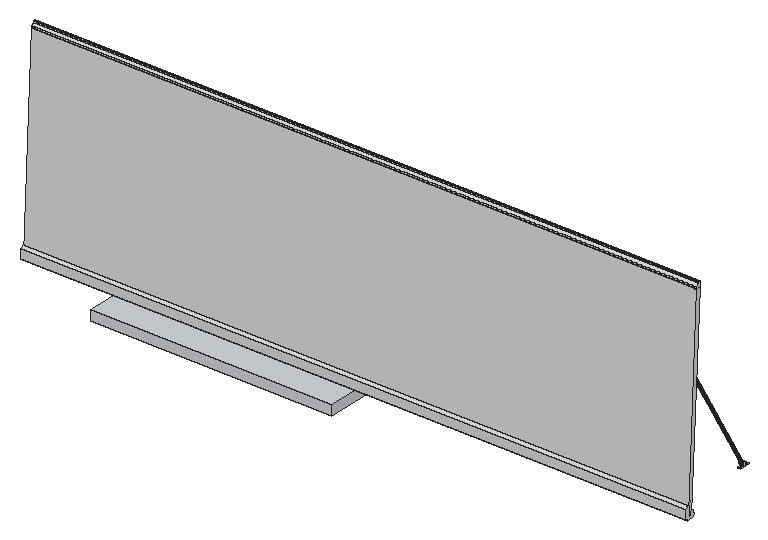
Revit family "G庇 ポール付き", category 一般モデル, Revit 2020
Family settings
  ホスト = 面
  鉄筋をホスト可能 = いいえ
  丸型コネクタ寸法 = 直径を使用
  パーツ タイプ = 標準
  ロード時にボイドで切り取り = いいえ
  共有 = いいえ
  部屋計算ポイント = いいえ
Parameters
  警告：長さL [instance] = no
  警告：出幅D [instance] = no
  説明 = "前方からの雨垂れをなくし、壁面側より雨水を排出できる機能を持つ内勾配庇です。デザインタイプの先端部分を両サイドまで回り込ませた三方枠も好評!"  # constant formula
  製造元 = "株式会社ツヅキ"  # constant formula
  断面図表記 先端部材2 = yes
  断面図表記 先端部材1 = no
  断面図表記 上部ブラケット大 = no
  断面図表記 上ブラケット小 = yes
  基準サポートポール@ = if(ポール@1000mm, 1000 mm, 1500 mm)  # 1500 mm
  先端部材2 = yes
  先端部材1 = no
  上部ブラケット大 [instance] = no
  上部ブラケット小 [instance] = yes
  モデル = "グロンダート　Gシリーズ（サポートポール付）"  # constant formula
  ポール@1500mm = yes
  ポール@1000mm = no
  サポートポール＠ = (G庇L寸法 - 500 mm) / (サポートポール数 - 1)  # 1500 mm
  庇 色 = アルミニウム 6063S-T5 シルバー(R) (株)ツヅキ
  実G庇D寸法 = if(G庇D寸法 < 600 mm, 600 mm, if(G庇D寸法 > 3001 mm, 3000 mm, G庇D寸法))  # 2500 mm
  先端部材長さ = if(先端部材2, 0 mm, 0 mm)  # 0 mm
  先端部材2 断面表示 = no
  先端部材1 断面表示 = no
  ポール取付高さ = if(実G庇D寸法 > 2400 mm, 1100 mm, (if(実G庇D寸法 > 2300 mm, 1040 mm, (if(実G庇D寸法 > 2100 mm, 980 mm, (if(実G庇D寸法 > 1900 mm, 865 mm, (if(実G庇D寸法 > 1600 mm, 750 mm, (if(実G庇D寸法 > 1300 mm, 620 mm, (if(実G庇D寸法 > 1100 mm, 495 mm, (if(実G庇D寸法 > 900 mm, 410 mm, (if(実G庇D寸法 > 700 mm, 365 mm, 303 mm)))))))))))))))))  # 1100 mm
  ポールL寸法 = B / cos(30.00°) - 35.2 mm  # 1950.654 mm
  パネル長さ [instance] = (実G庇D寸法 / cos(3.00°)) - (パネル長さ差分 + 先端部材長さ + [パネル吊元-躯体間距離])  # 2422.398 mm
  既定の高さ = 1000 mm
  パネル吊元-躯体間距離 = 27.933 mm
  パネル長さ差分 = if(先端部材2, 53.1 mm, 13 mm)  # 53.1 mm
  サポートポール数 = if(G庇L寸法 < 基準サポートポール@ - 500 mm, 2, roundup((G庇L寸法 - 500 mm) / 基準サポートポール@) + 1)  # 6
  URL = "https://tuzuki.co.jp/products/#gd"
  G庇L寸法 = 8000 mm
  G庇D寸法 = 2500 mm
  B = if(実G庇D寸法 > 2400 mm, 1719.8 mm, (if(実G庇D寸法 > 2300 mm, 1629.9 mm, (if(実G庇D寸法 > 2100 mm, 1530 mm, (if(実G庇D寸法 > 1900 mm, 1350.2 mm, (if(実G庇D寸法 > 1600 mm, 1170.4 mm, (if(実G庇D寸法 > 1300 mm, 960.7 mm, (if(実G庇D寸法 > 1100 mm, 760.9 mm, (if(実G庇D寸法 > 900 mm, 631.1 mm, (if(実G庇D寸法 > 700 mm, 555.2 mm, 454.9 mm)))))))))))))))))  # 1719.8 mm
  A = G庇L寸法 - パネル長さ差分  # 7946.9 mm
Reference planes
  plane 1 "中心(正面/背面)": y = 0
  plane 2: z = 0
  plane 3 "中心(左/右)": x = 0
  plane 4: through (0, 3344.555, 869.657) normal (0, -0.0523, -0.9986)
  plane 5: through (0, -20.1, 35.722) normal (0, 0.0523, 0.9986)
  plane 6: through (0, 3344.196, 869.676) normal (0, -0.0523, -0.9986)
  plane 7: through (0, -4.098, 7.126) normal (0, 0.0523, 0.9986)
  plane 8: through (0, 83.067, 2004.279) normal (0, 0.0523, 0.9986)
  plane 9: through (0, -4.086, 6.911) normal (0, -0.0523, -0.9986)
  plane 10 "パネル先端": through (0, 141.63, 2452.968) normal (0, -0.0523, -0.9986)
  plane 11: through (0, 100.358, 1999.821) normal (0, 0.9986, -0.0523)
  plane 12: x = 8000
  plane 13 "パネル上面": through (0, 15.482, 39.05) normal (0, -0.9986, 0.0523)
  plane 14 "ポール吊元": y = 1100
  plane 15: x = 250
  plane 16: x = 1750
  plane 17: through (0, -82.515, 38.993) normal (0, -0.0523, -0.9986)
  plane 18: z = 1719.8
  plane 19: z = 2500
  plane 20 "ポール基準面": z = 30.484
Forms (mm)
  Extrusion 1, solid
    sketch origin (0, 0.503, 0) x (1, 0, 0) y (0, 1, 0)
      loop
        line (1100, 1424.497) -> (1100, -389.553) -> (4000, -389.553) -> (4000, 1424.497) -> (1100, 1424.497)
    from 0 to -120.065
  Extrusion 2, solid, material "アルミニウム 6063S-T5 シルバー(R) (株)ツヅキ" <- "庇 色"
    sketch origin (0, 3300.637, -2.43) x (0, 1, 0) y (0, 0, 1)
      loop
        line (-3320.378, 38.134) -> (-3285.426, 36.302) -> (-3158.648, 2455.379) -> (-3193.6, 2457.211) -> (-3320.378, 38.134)
    from 0 to 8000
  Extrusion 3, solid, not visible
    sketch origin (0, 3300.278, -2.411) x (0, 1, 0) y (0, 0, 1)
      loop
        line (-3320.379, 38.133) -> (-3285.426, 36.301) -> (-3182.259, 2004.858) -> (-3217.211, 2006.69) -> (-3320.379, 38.133)
    from 0 to 1000
  Sweep 4, solid, not visible
    path in 3D
      loop
        line (1000, 14.852, 33.89) -> (0, 14.852, 33.89)
    profile origin (500, 14.852, 33.89) x (0, 0.052336, 0.99863) y (0, 0.99863, -0.052336)
      loop
        line (9.602, -35.002) -> (7.623, -44.111) -> (-4.145, -43.194) -> (-5.399, -38.529)
        arc (-5.399, -38.529) -> (-7.426, -34.992) -> (-10.931, -32.912) r 8
        line (-10.931, -32.912) -> (-22.065, -29.738) -> (-20.52, -0.256)
        arc (-20.52, -0.256) -> (-20.199, 0.427) -> (-19.492, 0.691) r 1
        line (-19.492, 0.691) -> (-15.27, 0.564) -> (-15.342, -0.8) -> (-13.844, -0.878) -> (-13.771, 0.518) -> (-2.173, 0.168) -> (-2.26, -1.485) -> (-0.262, -1.59) -> (-0.173, 0.108) -> (5.734, 0.098) -> (9.744, 0.189) -> (12.477, 0.746) -> (12.091, 1.916) -> (-1.367, 4.076) -> (-16.047, 4.845) -> (-15.786, 9.838) -> (-19.181, 10.016) -> (-19.748, 6.841) -> (-23.742, 7.051) -> (-23.974, 10.267) -> (-26.471, 10.398) -> (-28.865, -35.289) -> (-18.277, -37.761)
        arc (-18.277, -37.761) -> (-17.314, -38.481) -> (-17.189, -39.676) r 1.5
        line (-17.189, -39.676) -> (-18.256, -43.033) -> (-21.951, -43.249) -> (-22.495, -41.531) -> (-24.174, -41.196) -> (-23.224, -44.197) -> (-22.067, -45.058) -> (-17.331, -44.782)
        arc (-17.331, -44.782) -> (-16.775, -44.573) -> (-16.436, -44.085) r 1
        line (-16.436, -44.085) -> (-15.803, -42.082) -> (-10.61, -42.354) -> (-9.897, -45.542)
        arc (-9.897, -45.542) -> (-8.245, -48.269) -> (-5.279, -49.443) r 5
        line (-5.279, -49.443) -> (7.749, -50.126)
        arc (7.749, -50.126) -> (11.049, -49.103) -> (12.898, -46.184) r 5
        line (12.898, -46.184) -> (14.121, -40.502) -> (38.855, -40.502) -> (38.645, -44.5) -> (43.782, -38.93) -> (41.247, -38.797) -> (41.446, -35.002) -> (9.602, -35.002)
Lines and regions (mm)
  reference lines, not visible
    curve 1: line (0, -2.624, 34.806) -> (0, -7.858, -65.057)
    curve 2: line (0, -67.014, 12.145) -> (0, 222.589, -3.033)
  sketch lines, not visible
    curve 3: line (1000, 14.852, 33.89) -> (0, 14.852, 33.89)
  reference lines
    curve 4: line (0, -2.624, 34.808) -> (0, -4.086, 6.911)
Dimensions and locks
  locked: Extrusion 2 sketch curve to Extrusion 2 sketch curve at 35
  locked: Extrusion 3 sketch curve to Extrusion 3 sketch curve at 35
  "ポール取付高さ": plane 1 "中心(正面/背面)" to plane 14 "ポール吊元"
  "サポートポール＠": plane 16 to plane 15
  plane 15 to plane 3 "中心(左/右)" = 250 mm
  plane 9 to plane 17 = 27.933 mm
  "B": plane 18 to level
  "実G庇D寸法": plane 19 to level
  "パネル長さ": plane 17 to plane 10 "パネル先端"
  locked: plane 20 "ポール基準面" to level at 30.484
  equal spacing: group 3, group 4, group 5, group 6, group 7, group 8  (x3)
  "G庇L寸法": plane 12 to plane 3 "中心(左/右)"
  angle Extrusion 2 to plane 1 "中心(正面/背面)" = 3.00°
  aligned and locked: Extrusion 1 to plane 2
  aligned and locked: Extrusion 1 to level
  aligned and locked: plane 12 to Extrusion 2
  aligned and locked: plane 14 "ポール吊元" to nested 1
  aligned and locked: nested 1 to level
  aligned and locked: plane 15 to nested 1
  aligned and locked: nested 1 to plane 20 "ポール基準面"
  aligned and locked: plane 18 to nested 1
  aligned and locked: nested 2 to plane 16
  aligned and locked: nested 7 to plane 10 "パネル先端"
  aligned and locked: plane 12 to nested 7  (x2)
  aligned and locked: plane 3 "中心(左/右)" to nested 5
  aligned and locked: plane 12 to nested 5
  aligned and locked: plane 3 "中心(左/右)" to nested 7
  aligned and locked: plane 12 to nested 4
  aligned and locked: Extrusion 2 to plane 10 "パネル先端"
  aligned and locked: plane 12 to nested 6
Automatic sketch dimensions
  plane 10 "パネル先端" to Extrusion 2 sketch curve = 0 mm  (x2)
  plane 1 "中心(正面/背面)" to Extrusion 2 sketch curve = 19.742 mm
  level to curve 4 = 6.911 mm
  plane 9 to curve 4 = 0 mm
  plane 1 "中心(正面/背面)" to curve 4 = 2.624 mm
  Extrusion 2 sketch curve to plane 13 "パネル上面" = 0 mm
  plane 11 to curve 4 = 0 mm
  Extrusion 1 sketch curve to Extrusion 1 sketch curve = 2900 mm
  Extrusion 1 sketch curve to Extrusion 1 sketch curve = 1814.05 mm
Nested families
  nested 1: "Gサポートポール" at (250, 124.673, 1719.8) x (1, 0, 0) z (0, 1, 0), type "Gサポートポール"
    with D 1933.154 mm, C 1689.316 mm, A 975.327 mm, B 1950.654 mm
  nested 2: "Gサポートポール" at (1750, 124.673, 1719.8) x (1, 0, 0) z (0, 1, 0), type "Gサポートポール"
    with D 1933.154 mm, C 1689.316 mm, A 975.327 mm, B 1950.654 mm
  nested 3: "注意表示_F庇 ポール付き" at (186.75, -786.377, 0), type "F庇ポール付き D600-3000"
  nested 4: "上部ブラケット" at (4000, 0, 0), type "上ブラケット小"
    with L 8000 mm
  nested 5: "上部ブラケット" at (4000, 0, 0), type "上部ブラケット大"
    with L 8000 mm
  nested 6: "先端部材" at (4000, 124.513, 2453.865) x (1, 0, 0) z (0, 0.0523, 0.9986), 先端部材1 <- "先端部材1", type "先端部材2"
    with 先端部材2 no, 先端部材1 no, L 8000 mm
  nested 7: "先端部材" at (4000, 124.154, 2453.884) x (1, 0, 0) z (0, 0.0523, 0.9986), 先端部材2 <- "先端部材2", type "先端部材2"
    with 先端部材2 yes, 先端部材1 no, L 8000 mm
  nested 8: "Gサポートポール" at (3250, 124.674, 1719.8) x (1, 0, 0) z (0, 1, 0), type "Gサポートポール"
    with D 1933.154 mm, C 1689.316 mm, A 975.327 mm, B 1950.654 mm
  nested 9: "Gサポートポール" at (4750, 124.674, 1719.8) x (1, 0, 0) z (0, 1, 0), type "Gサポートポール"
    with D 1933.154 mm, C 1689.316 mm, A 975.327 mm, B 1950.654 mm
  nested 10: "Gサポートポール" at (6250, 124.674, 1719.8) x (1, 0, 0) z (0, 1, 0), type "Gサポートポール"
    with D 1933.154 mm, C 1689.316 mm, A 975.327 mm, B 1950.654 mm
  nested 11: "Gサポートポール" at (7750, 124.674, 1719.8) x (1, 0, 0) z (0, 1, 0), type "Gサポートポール"
    with D 1933.154 mm, C 1689.316 mm, A 975.327 mm, B 1950.654 mm
Definition of nested family "Gサポートポール"
  Parameters (values of type "Gサポートポール")
    色 = none
    Default Elevation = 0 mm
    断面図表示 = yes
    D = B - 27.5 mm + 10 mm  # 1056.621 mm
    C = B * cos(30.00°)  # 930.216 mm
    A = B * sin(30.00°)  # 537.06 mm
    B = 1074.121 mm
  Reference planes
    plane 1 "中心(正面/背面)": y = 0
    plane 2: z = 0
    plane 3 "中心(左/右)": x = 0
    plane 4: through (4267.2, -2.112, 3.657) normal (0, -0.866, -0.5)
    plane 5 "ポール先端": through (4267.2, -312.839, 521.852) normal (0, 0.866, 0.5)
    plane 6: through (4267.2, 945.57, 510.465) normal (0, -0.866, -0.5)
    plane 7: z = 537.06
    plane 8: through (4267.2, 1182.348, 45.354) normal (0, -0.866, -0.5)
    plane 9: y = 930.216
    plane 10 "パネル面": through (4267.2, -49.042, -24.229) normal (0, 0.0523, 0.9986)
    plane 11: through (4267.2, 2.111, 1.219) normal (0, -0.5, 0.866)
  Dimensions and locks
    locked: plane 5 "ポール先端" to plane 4 at 10
    "B": plane 4 to plane 6
    plane 8 to plane 6 = 27.5 mm
    "C": plane 1 "中心(正面/背面)" to plane 9
    "A": plane 7 to plane 2
    aligned and locked: plane 2 to level
    aligned and locked: plane 6 to nested 3
    aligned and locked: plane 8 to nested 3
    aligned and locked: nested 4 to plane 8  (x2)
    aligned and locked: nested 2 to plane 6
    aligned and locked: plane 9 to nested 3
    aligned and locked: nested 1 to plane 10 "パネル面"
    aligned and locked: nested 1 to nested 1
    aligned and locked: plane 1 "中心(正面/背面)" to nested 1
  Nested families
    nested 1: "下部ブラケット" at (0, 0, 0), type "下部ブラケット"
    nested 2: "上部ブラケット" at (0, 930.215, 537.06), type "上部ブラケット"
    nested 3: "コ型ブラケット" at (0, 930.216, 537.06), type "コ型ブラケット"
    nested 4: "サポートポール(外)" at (0, -8.661, -5) x (0, -0.5, 0.866) z (0, 0.866, 0.5), type "サポートポール(外)"
      with ポール長さ 1056.621 mm
  Definition of nested family "下部ブラケット"
    Parameters (values of type "下部ブラケット")
      色 = none
      Default Elevation = 0 mm
      断面図表示 = yes
    Reference planes
      plane 1 "中心(正面/背面)": y = 0
      plane 2: z = 0
      plane 3 "中心(左/右)": x = 0
      plane 4 "下部ブラケット正面": through (4267.2, -47.733, 15.492) normal (0, 0.9986, -0.0523)
      plane 5: through (4267.2, 19.467, 17.556) normal (0, 0.9986, -0.0523)
    Forms (mm)
      Extrusion 1, solid, material <- "色"
        sketch origin (0, 0, 0) x (0, 0.997305, -0.073364) y (0, 0.073364, 0.997305)
          loop
            line (-47.915, -27.278) -> (19.07, -25.866) -> (18.186, 16.125) -> (-48.8, 14.713) -> (-47.915, -27.278)
        from -45 to 45
      Extrusion 2, void
        sketch origin (0, 0, 0) x (1, 0, 0) y (0, 0.052336, 0.99863)
          loop
            line (45, 15.738) -> (15, 15.738) -> (15, -18.262) -> (45, -18.262) -> (45, 15.738)
          loop
            line (8.475, 15.738) -> (-8.5, 15.738) -> (-8.5, -18.262) -> (8.475, -18.262) -> (8.475, 15.738)
          loop
            line (-45, 15.738) -> (-45, -18.262) -> (-15, -18.262) -> (-15, 15.738) -> (-45, 15.738)
        from -24.945 to 53.021
    Cuts and joins
      Extrusion 2 cuts Extrusion 1
    Dimensions and locks
      aligned and locked: level to plane 2
  Definition of nested family "上部ブラケット"
    Parameters (values of type "上部ブラケット")
      色 = none
      Default Elevation = 0 mm
      断面図表示 = yes
    Reference planes
      plane 1 "中心(正面/背面)": y = 0
      plane 2: z = 0
      plane 3 "中心(左/右)": x = 0
      plane 4: x = -17.5
      plane 5: x = 17.5
      plane 6: z = -32.679
      plane 7: z = 47.321
    Forms (mm)
      Extrusion 1, solid, material <- "色"
        sketch origin (0, 0, 0) x (0, 1, 0) y (0, 0, 1)
          loop
            line (18, 24.537) -> (6.865, 18.109) -> (-6.125, 10.609)
            arc (-6.125, 10.609) -> (-11.836, -3.158) -> (-0.026, -12.25) r 12.25
            line (-0.026, -12.25) -> (13.782, -12.25) -> (16, -12.25)
            arc (16, -12.25) -> (20.243, -14.007) -> (22, -18.25) r 6
            line (22, -18.25) -> (22, -52.7) -> (30.5, -52.7) -> (30.5, 67.3) -> (22, 67.3) -> (22, 31.466)
            arc (22, 31.466) -> (20.928, 27.466) -> (18, 24.537) r 8
        from -17.5 to 17.5
    Dimensions and locks
      equal spacing: plane 4, plane 3 "中心(左/右)", plane 5
      plane 4 to plane 5 = 35 mm
      aligned and locked: level to plane 2
      aligned and locked: Extrusion 1 to plane 4
      aligned and locked: plane 5 to Extrusion 1
      aligned and locked: import instance to level
      aligned and locked: import instance to plane 1 "中心(正面/背面)"
    Automatic sketch dimensions
      Extrusion 1 sketch curve to plane 1 "中心(正面/背面)" = 6.865 mm
      level to Extrusion 1 sketch curve = 18.109 mm
      plane 1 "中心(正面/背面)" to Extrusion 1 sketch curve = 6.125 mm
      Extrusion 1 sketch curve to Extrusion 1 sketch curve = 11.135 mm
      level to Extrusion 1 sketch curve = 10.609 mm
      Extrusion 1 sketch curve to Extrusion 1 sketch curve = 6.429 mm
      Extrusion 1 sketch curve to level = 0 mm
      Extrusion 1 sketch curve to plane 1 "中心(正面/背面)" = 0 mm
      plane 1 "中心(正面/背面)" to Extrusion 1 sketch curve = 0.026 mm
      Extrusion 1 sketch curve to plane 1 "中心(正面/背面)" = 13.782 mm
      Extrusion 1 sketch curve to Extrusion 1 sketch curve = 2.218 mm
      Extrusion 1 sketch curve to Extrusion 1 sketch curve = 6 mm
      Extrusion 1 sketch curve to plane 6 = 20.021 mm
      Extrusion 1 sketch curve to Extrusion 1 sketch curve = 8.5 mm
      Extrusion 1 sketch curve to Extrusion 1 sketch curve = 6.928 mm
      Extrusion 1 sketch curve to Extrusion 1 sketch curve = 4 mm
      plane 7 to Extrusion 1 sketch curve = 19.979 mm
  Definition of nested family "コ型ブラケット"
    Parameters (values of type "コ型ブラケット")
      色 = none
      Default Elevation = 0 mm
      断面図表示 = yes
    Reference planes
      plane 1 "中心(正面/背面)": y = 0
      plane 2: z = 0
      plane 3 "中心(左/右)": x = 0
      plane 4 "コ型ブラケット正面": through (4267.2, -32.566, 1.405) normal (0, -0.5, 0.866)
      plane 5: through (4267.2, 20.441, -8.405) normal (0, -0.5, 0.866)
      plane 6: x = -22.7
      plane 7: x = 22.7
    Forms (mm)
      Extrusion 1, solid, material <- "色"
        sketch origin (0, 0, 0) x (0, 1, 0) y (0, 0, 1)
          loop
            line (-32.566, 1.405) -> (-15.066, -28.905) -> (20.441, -8.405) -> (20.99, -6.356) -> (4.99, 21.356) -> (2.941, 21.905) -> (-32.566, 1.405)
        from -22.7 to 22.7
      Extrusion 2, void
        sketch origin (0, -8.75, 15.155) x (0, -0.866025, -0.5) y (1, 0, 0)
          loop
            line (27.5, -15) -> (24.5, -15) -> (16.8, -22.7) -> (27.5, -22.7) -> (27.5, -15)
          loop
            line (22.5, 0) -> (22.5, 9.25) -> (20.964, 9.25) -> (20.964, 11.464) -> (14.729, 17.7) -> (-13.5, 17.7) -> (-15, 19.2) -> (-15, 0) -> (-15, -19.2) -> (-13.5, -17.7) -> (14.729, -17.7) -> (20.964, -11.464) -> (20.964, -9.25) -> (22.5, -9.25) -> (22.5, 0)
          loop
            line (-13.5, -22.7) -> (-15, -21.2) -> (-15, -22.7) -> (-13.5, -22.7)
          loop
            line (27.5, 15) -> (27.5, 22.7) -> (16.8, 22.7) -> (24.5, 15) -> (27.5, 15)
          loop
            line (-13.5, 22.7) -> (-15, 22.7) -> (-15, 21.2) -> (-13.5, 22.7)
        from -35 to 0
    Cuts and joins
      Extrusion 2 cuts Extrusion 1
    Dimensions and locks
      equal spacing: plane 6, plane 3 "中心(左/右)", plane 7
      plane 6 to plane 7 = 45.4 mm
      aligned and locked: level to plane 2
      aligned and locked: Extrusion 1 sketch curve to import instance
      aligned and locked: Extrusion 1 to plane 6
      aligned and locked: plane 7 to Extrusion 1
    Automatic sketch dimensions
      Extrusion 1 sketch curve to plane 4 "コ型ブラケット正面" = 0 mm
      Extrusion 1 sketch curve to plane 5 = 0 mm
      Extrusion 1 sketch curve to plane 1 "中心(正面/背面)" = 2.941 mm
      Extrusion 1 sketch curve to Extrusion 1 sketch curve = 2.049 mm
      Extrusion 1 sketch curve to level = 8.405 mm
      Extrusion 1 sketch curve to level = 6.356 mm
      Extrusion 1 sketch curve to Extrusion 1 sketch curve = 0.549 mm  (x2)
      Extrusion 2 sketch curve to plane 6 = 0 mm  (x2)
      Extrusion 2 sketch curve to plane 7 = 0 mm  (x2)
      Extrusion 2 sketch curve to plane 7 = 1.5 mm
      Extrusion 2 sketch curve to Extrusion 2 sketch curve = 0 mm  (x2)
      plane 6 to Extrusion 2 sketch curve = 5 mm
      Extrusion 2 sketch curve to Extrusion 2 sketch curve = 1.5 mm  (x4)
      Extrusion 2 sketch curve to plane 7 = 5 mm
      Extrusion 2 sketch curve to Extrusion 2 sketch curve = 28.229 mm  (x2)
      Extrusion 2 sketch curve to Extrusion 2 sketch curve = 2.071 mm  (x2)
      plane 6 to Extrusion 2 sketch curve = 11.236 mm
      Extrusion 2 sketch curve to Extrusion 2 sketch curve = 6.236 mm  (x2)
      Extrusion 2 sketch curve to Extrusion 2 sketch curve = 1.536 mm
      Extrusion 2 sketch curve to Extrusion 2 sketch curve = 3.536 mm  (x3)
      Extrusion 2 sketch curve to plane 7 = 7.7 mm
      Extrusion 2 sketch curve to Extrusion 2 sketch curve = 3 mm  (x2)
      plane 6 to Extrusion 2 sketch curve = 1.5 mm
      Extrusion 2 sketch curve to Extrusion 2 sketch curve = 2 mm  (x2)
      Extrusion 2 sketch curve to Extrusion 2 sketch curve = 2.214 mm  (x2)
      Extrusion 2 sketch curve to Extrusion 2 sketch curve = 5.75 mm
      Extrusion 2 sketch curve to plane 3 "中心(左/右)" = 0 mm  (x2)
  Definition of nested family "サポートポール(外)"
    Parameters (values of type "サポートポール(外)")
      色 = none
      Default Elevation = 1219.2 mm
      ポール長さ = 1500 mm
    Reference planes
      plane 1 "中心(正面/背面)": y = 0
      plane 2: z = 0
      plane 3 "中心(左/右)": x = 0
      plane 4: z = 1500
    Forms (mm)
      Extrusion 1, solid
        sketch origin (0, 0, 0) x (1, 0, 0) y (0, 1, 0)
          loop
            line (-1219.2, 1219.2) -> (-1219.2, -1219.2) -> (1219.2, -1219.2) -> (1219.2, 1219.2) -> (-1219.2, 1219.2)
        from 0 to -304.8
      Extrusion 2, solid, material <- "色"
        sketch origin (0, 0, 0) x (1, 0, 0) y (0, 1, 0)
          loop
            line (-8.747, 12.65) -> (-15.329, 1.25)
            arc (-15.329, 1.25) -> (-15.664, 0) -> (-15.329, -1.25) r 2.5
            line (-15.329, -1.25) -> (-8.747, -12.65)
            arc (-8.747, -12.65) -> (-7.832, -13.565) -> (-6.582, -13.9) r 2.5
            line (-6.582, -13.9) -> (6.582, -13.9)
            arc (6.582, -13.9) -> (7.832, -13.565) -> (8.747, -12.65) r 2.5
            line (8.747, -12.65) -> (15.329, -1.25)
            arc (15.329, -1.25) -> (15.664, 0) -> (15.329, 1.25) r 2.5
            line (15.329, 1.25) -> (8.747, 12.65)
            arc (8.747, 12.65) -> (7.832, 13.565) -> (6.582, 13.9) r 2.5
            line (6.582, 13.9) -> (-6.582, 13.9)
            arc (-6.582, 13.9) -> (-7.832, 13.565) -> (-8.747, 12.65) r 2.5
          loop
            line (-5.485, -9.5) -> (5.485, -9.5) -> (10.97, 0) -> (5.485, 9.5) -> (-5.485, 9.5) -> (-10.97, 0) -> (-5.485, -9.5)
        from 0 to 1500
    Dimensions and locks
      "ポール長さ": plane 4 to level
      aligned and locked: plane 2 to Extrusion 1
      aligned and locked: level to Extrusion 1
      aligned and locked: plane 4 to Extrusion 2
      aligned and locked: Extrusion 2 to level
    Automatic sketch dimensions
      Extrusion 1 sketch curve to Extrusion 1 sketch curve = 2438.4 mm  (x2)
      plane 1 "中心(正面/背面)" to Extrusion 2 sketch curve = 0 mm  (x4)
      Extrusion 2 sketch curve to plane 1 "中心(正面/背面)" = 1.25 mm  (x2)
      Extrusion 2 sketch curve to plane 3 "中心(左/右)" = 15.329 mm
      plane 1 "中心(正面/背面)" to Extrusion 2 sketch curve = 1.25 mm  (x2)
      Extrusion 2 sketch curve to Extrusion 2 sketch curve = 2.165 mm  (x6)
      Extrusion 2 sketch curve to Extrusion 2 sketch curve = 2.194 mm  (x2)
      Extrusion 2 sketch curve to plane 3 "中心(左/右)" = 8.747 mm  (x2)
      Extrusion 2 sketch curve to Extrusion 2 sketch curve = 1.097 mm  (x4)
      plane 3 "中心(左/右)" to Extrusion 2 sketch curve = 5.485 mm  (x2)
      Extrusion 2 sketch curve to Extrusion 2 sketch curve = 5.485 mm
      plane 1 "中心(正面/背面)" to Extrusion 2 sketch curve = 9.5 mm
      Extrusion 2 sketch curve to Extrusion 2 sketch curve = 1.9 mm  (x4)
      Extrusion 2 sketch curve to Extrusion 2 sketch curve = 1.25 mm  (x2)
      Extrusion 2 sketch curve to plane 1 "中心(正面/背面)" = 9.5 mm
Definition of nested family "上部ブラケット"
  Parameters (values of type "上ブラケット小")
    色 = none
    Default Elevation = 0 mm
    断面図表記 上部ブラケット小 = yes
    断面図表記 上部ブラケット大 = no
    上部ブラケット小 = yes
    上部ブラケット大 = no
    L = 3800 mm
  Types (2, lengths in mm): name | 断面図表記 上部ブラケット小 | 上部ブラケット小
    上部ブラケット大 | no | no
    上ブラケット小 | yes | yes
  Reference planes
    plane 1 "中心(正面/背面)": y = 0
    plane 2: z = 0
    plane 3 "中心(左/右)": x = 0
    plane 4: x = -1900
    plane 5: x = 1900
  Forms (mm)
    Extrusion 1, solid, material <- "色", visible <- "上部ブラケット大"
      sketch origin (0, 0, 0) x (0, 1, 0) y (0, 0, 1)
        loop
          line (-69.34, 24.4) -> (-32.94, 13.3) -> (-33.44, 5.6) -> (-35.793, 5.6) -> (-35.931, 6.7) -> (-37.14, 6.7) -> (-36.302, 0) -> (94.178, 0) -> (93.6, 15.6) -> (107.2, 18.1) -> (107.2, 18.948)
          arc (107.2, 18.948) -> (107.111, 19.36) -> (106.861, 19.699) r 1
          line (106.861, 19.699) -> (35, 83) -> (31.5, 83) -> (31.5, 69.5) -> (-18.308, 69.5) -> (-13.738, 160.9) -> (-15.44, 160.9) -> (-15.94, 150.9) -> (-69.34, 130.9) -> (-69.34, 24.4)
      from -1900 to 1900
    Extrusion 2, solid, material <- "色", visible <- "上部ブラケット小"
      sketch origin (0, 0, 0) x (0, 1, 0) y (0, 0, 1)
        loop
          line (-15.94, 150.9) -> (-69.34, 130.9) -> (-69.34, 24.4) -> (-32.94, 13.3) -> (-33.804, 0) -> (45.978, 0) -> (45.4, 15.5) -> (58.589, 18.056) -> (38.2, 83) -> (31.7, 83) -> (31.7, 69.5) -> (17.078, 69.5) -> (14.84, 26.8) -> (-20.351, 28.644) -> (-14.238, 150.9) -> (-15.94, 150.9)
      from -1900 to 1900
  Dimensions and locks
    equal spacing: plane 4, plane 3 "中心(左/右)", plane 5
    "L": plane 4 to plane 5
    aligned and locked: level to plane 2
    aligned and locked: Extrusion 1 to plane 4
    aligned and locked: plane 5 to Extrusion 1
    aligned and locked: Extrusion 1 to Extrusion 2
    aligned and locked: Extrusion 2 to Extrusion 1
  Automatic sketch dimensions
    Extrusion 1 sketch curve to level = 0 mm
    plane 1 "中心(正面/背面)" to Extrusion 1 sketch curve = 69.34 mm
    level to Extrusion 1 sketch curve = 6.7 mm
    Extrusion 1 sketch curve to Extrusion 1 sketch curve = 32.2 mm
    Extrusion 1 sketch curve to Extrusion 1 sketch curve = 0.838 mm
    Extrusion 1 sketch curve to Extrusion 1 sketch curve = 1.209 mm
    level to Extrusion 1 sketch curve = 5.6 mm
    Extrusion 1 sketch curve to Extrusion 1 sketch curve = 0.137 mm
    Extrusion 1 sketch curve to Extrusion 1 sketch curve = 2.353 mm
    level to Extrusion 1 sketch curve = 13.3 mm
    Extrusion 1 sketch curve to Extrusion 1 sketch curve = 2.991 mm
    plane 1 "中心(正面/背面)" to Extrusion 1 sketch curve = 18.308 mm
    plane 1 "中心(正面/背面)" to Extrusion 1 sketch curve = 15.94 mm
    Extrusion 1 sketch curve to Extrusion 1 sketch curve = 0.5 mm
    Extrusion 1 sketch curve to Extrusion 1 sketch curve = 1.702 mm
    Extrusion 1 sketch curve to plane 1 "中心(正面/背面)" = 31.5 mm
    Extrusion 1 sketch curve to Extrusion 1 sketch curve = 3.5 mm
    level to Extrusion 1 sketch curve = 15.6 mm
    Extrusion 1 sketch curve to Extrusion 1 sketch curve = 62.1 mm
    Extrusion 1 sketch curve to Extrusion 1 sketch curve = 0.578 mm
    Extrusion 1 sketch curve to Extrusion 1 sketch curve = 12.6 mm
    level to Extrusion 1 sketch curve = 19.699 mm
    Extrusion 1 sketch curve to Extrusion 1 sketch curve = 0.661 mm
    level to Extrusion 1 sketch curve = 18.1 mm
    Extrusion 1 sketch curve to Extrusion 1 sketch curve = 1 mm
    level to Extrusion 1 sketch curve = 24.4 mm
    level to Extrusion 1 sketch curve = 69.5 mm
    Extrusion 1 sketch curve to Extrusion 1 sketch curve = 13.5 mm
    Extrusion 1 sketch curve to Extrusion 1 sketch curve = 61.4 mm
    Extrusion 1 sketch curve to Extrusion 1 sketch curve = 20 mm
    Extrusion 1 sketch curve to Extrusion 1 sketch curve = 10 mm
    Extrusion 2 sketch curve to level = 0 mm
    level to Extrusion 2 sketch curve = 24.4 mm
    plane 1 "中心(正面/背面)" to Extrusion 2 sketch curve = 69.34 mm
    plane 1 "中心(正面/背面)" to Extrusion 2 sketch curve = 33.804 mm
    level to Extrusion 2 sketch curve = 13.3 mm
    Extrusion 2 sketch curve to Extrusion 2 sketch curve = 0.864 mm
    Extrusion 2 sketch curve to Extrusion 2 sketch curve = 12.589 mm
    plane 1 "中心(正面/背面)" to Extrusion 2 sketch curve = 15.94 mm
    Extrusion 2 sketch curve to Extrusion 2 sketch curve = 1.702 mm
    Extrusion 2 sketch curve to plane 1 "中心(正面/背面)" = 14.84 mm
    Extrusion 2 sketch curve to plane 1 "中心(正面/背面)" = 17.078 mm
    Extrusion 2 sketch curve to Extrusion 2 sketch curve = 14.622 mm
    Extrusion 2 sketch curve to Extrusion 2 sketch curve = 6.5 mm
    level to Extrusion 2 sketch curve = 15.5 mm
    Extrusion 2 sketch curve to Extrusion 2 sketch curve = 30.56 mm
    Extrusion 2 sketch curve to Extrusion 2 sketch curve = 0.578 mm
    level to Extrusion 2 sketch curve = 18.056 mm
    Extrusion 2 sketch curve to Extrusion 2 sketch curve = 13.189 mm
    level to Extrusion 2 sketch curve = 26.8 mm
    Extrusion 2 sketch curve to Extrusion 2 sketch curve = 15.344 mm
    Extrusion 2 sketch curve to Extrusion 2 sketch curve = 13.5 mm
    Extrusion 2 sketch curve to Extrusion 2 sketch curve = 61.4 mm
    Extrusion 2 sketch curve to Extrusion 2 sketch curve = 20 mm
Definition of nested family "先端部材"
  Parameters (values of type "先端部材2")
    色 = none
    Default Elevation = 0 mm
    断面図表記 先端部材2 = yes
    断面図表記 先端部材1 = no
    先端部材2 [instance] = yes
    先端部材1 [instance] = no
    L = 5000 mm
  Types (2, lengths in mm): name | 断面図表記 先端部材2 | 断面図表記 先端部材1 | 先端部材2 | 先端部材1 | L
    先端部材1 | no | yes | no | yes | 10000
    先端部材2 | yes | no | yes | no | 5000
  Reference planes
    plane 1 "中心(正面/背面)": y = 0
    plane 2: z = 0
    plane 3 "中心(左/右)": x = 0
    plane 4: x = -2500
    plane 5: x = 2500
  Forms (mm)
    Extrusion 1, solid, material <- "色", visible <- "先端部材2"
      sketch origin (0, 0, 0) x (0, 1, 0) y (0, 0, 1)
        loop
          line (-23.8, -13.5) -> (-23.8, -15) -> (20.7, -15) -> (20.7, 5.3) -> (23.7, 5.8) -> (21.371, 50.253) -> (13.8, 45)
          arc (13.8, 45) -> (14.49, 43.622) -> (14.727, 42.1) r 5
          arc (14.727, 42.1) -> (13.95, 35.915) -> (11.667, 30.114) r 25
          arc (11.667, 30.114) -> (-1.605, 14.548) -> (-20, 5.6) r 50
          line (-20, 5.6) -> (-20, -13) -> (-23.8, -13.5)
      from -2500 to 2500
    Extrusion 2, solid, material <- "色", visible <- "先端部材1"
      sketch origin (0, 0, 0) x (0, 1, 0) y (0, 0, 1)
        loop
          line (23.742, 6.8) -> (-20, 6.8) -> (-20, -13.3) -> (-23.8, -13.8) -> (-23.8, -15) -> (20.7, -15) -> (20.7, 4.8) -> (23.742, 5.307) -> (23.742, 6.8)
      from -2500 to 2500
  Dimensions and locks
    equal spacing: plane 4, plane 3 "中心(左/右)", plane 5
    "L": plane 4 to plane 5
    aligned and locked: level to plane 2
    aligned and locked: Extrusion 2 to plane 4
    aligned and locked: Extrusion 2 to Extrusion 1  (x2)
    aligned and locked: plane 5 to Extrusion 1
    aligned and locked: plane 5 to Extrusion 2
    aligned and locked: Extrusion 1 to plane 4
  Automatic sketch dimensions
    plane 1 "中心(正面/背面)" to Extrusion 1 sketch curve = 32.213 mm
    plane 1 "中心(正面/背面)" to Extrusion 1 sketch curve = 23.8 mm
    Extrusion 1 sketch curve to Extrusion 1 sketch curve = 3.8 mm
    plane 1 "中心(正面/背面)" to Extrusion 1 sketch curve = 10.273 mm
    Extrusion 1 sketch curve to plane 1 "中心(正面/背面)" = 9.727 mm
    Extrusion 1 sketch curve to Extrusion 1 sketch curve = 4.073 mm
    level to Extrusion 1 sketch curve = 5.3 mm
    Extrusion 1 sketch curve to plane 1 "中心(正面/背面)" = 20.7 mm
    Extrusion 1 sketch curve to Extrusion 1 sketch curve = 7.571 mm
    level to Extrusion 1 sketch curve = 5.8 mm
    Extrusion 1 sketch curve to Extrusion 1 sketch curve = 3 mm
    Extrusion 1 sketch curve to level = 13 mm
    Extrusion 1 sketch curve to Extrusion 1 sketch curve = 0.5 mm
    Extrusion 1 sketch curve to Extrusion 1 sketch curve = 1.5 mm
    level to Extrusion 1 sketch curve = 5.6 mm
    Extrusion 1 sketch curve to Extrusion 1 sketch curve = 36.8 mm
    Extrusion 1 sketch curve to Extrusion 1 sketch curve = 2.9 mm
    Extrusion 1 sketch curve to Extrusion 1 sketch curve = 5.253 mm
    Extrusion 1 sketch curve to Extrusion 1 sketch curve = 11.986 mm
    Extrusion 1 sketch curve to Extrusion 1 sketch curve = 0 mm
    plane 1 "中心(正面/背面)" to Extrusion 2 sketch curve = 23.8 mm
    Extrusion 2 sketch curve to Extrusion 2 sketch curve = 3.8 mm
    level to Extrusion 2 sketch curve = 4.8 mm
    Extrusion 2 sketch curve to plane 1 "中心(正面/背面)" = 20.7 mm
    Extrusion 2 sketch curve to Extrusion 2 sketch curve = 3.042 mm
    Extrusion 2 sketch curve to level = 13.3 mm
    Extrusion 2 sketch curve to Extrusion 2 sketch curve = 0.5 mm
    Extrusion 2 sketch curve to level = 15 mm
    Extrusion 2 sketch curve to Extrusion 2 sketch curve = 0.507 mm
    level to Extrusion 2 sketch curve = 6.8 mm
Definition of nested family "注意表示_F庇 ポール付き"
  Parameters (values of type "F庇ポール付き D600-3000")
    警告文表示 = if(or(警告：出幅D, 警告：長さL, 警告3, 警告4, 警告5, 警告6), "【警告事項】", "")  # ""
    警告文2表示 = if(or(警告：出幅D, 警告：長さL, 警告3, 警告4, 警告5, 警告6), "ご不明な点につきましては弊社までお問い合わせください。", "")  # ""
    警告文1表示 = if(or(警告：出幅D, 警告：長さL, 警告3, 警告4, 警告5, 警告6), "庇L寸法が15000mmを超える場合は10mmのシーリング目地を設けて2分割としてください。", "")  # ""
    警告6 = no
    警告5 = no
    警告4 = no
    警告：出幅D = no
    警告3 = no
    警告：長さL = no
    注意文表示 = "【注意喚起】"  # constant formula
    注意文4 = "　　ご不明な点につきましては弊社までお問い合わせください。※※"  # constant formula
    注意文3 = "※※強度計算は物件ごとに行っております。ポール位置などモデルと異なる場合がございます。"  # constant formula
    注意文2 = "製作および取付不可能なオブジェクトが作成される恐れがございます。"  # constant formula
    注意文1 = "モデルの作成につきまして、適切な数値をご入力いただけない場合、"  # constant formula
    パラメーター6 = if(警告6, "", "")  # ""
    パラメーター5 = if(警告5, "", "")  # ""
    パラメーター4 = if(警告4, "", "")  # ""
    パラメーター3 = if(警告3, "", "")  # ""
    パラメーター2 = if(警告3, "", "")  # ""
    パラメーター1 = if(警告：長さL, "", "")  # ""
  Reference planes
    plane 1: y = 0
    plane 2: x = 0
  Text (mm)
    label "注意文表示\n注意文1\n注意文2\n注意文3\n注意文4\n警告文表示\n警告文1表示\n警告文2表示\nパラメーター1\nパラメーター2\nパラメーター3\nパラメーター4\nパラメーター5\nパラメーター6" at (-24.99, 13.041, 0), shows "注意文表示", "注意文1", "注意文2", "注意文3", "注意文4", "警告文表示", "警告文1表示", "警告文2表示", "パラメーター1", "パラメーター2", "パラメーター3", "パラメーター4", "パラメーター5", "パラメーター6"
